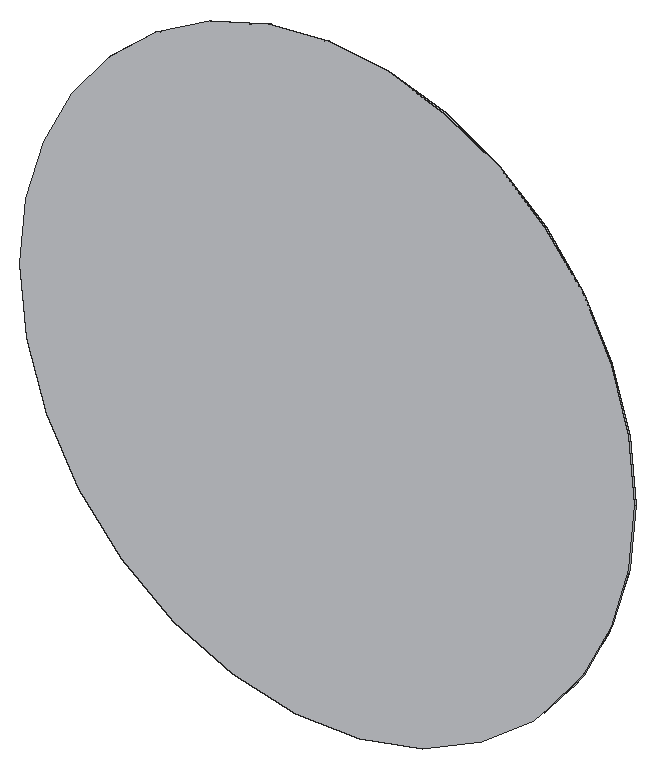
Revit family "GPC-BombaVirtual", category Mechanical Equipment, Revit 2025
Family settings
  Round Connector Dimension = Use Diameter
  Classification = Pump
  Part Type = Normal
  OmniClass Number = 23.75.00.00
  OmniClass Title = Climate Control (HVAC)
  Work Plane-Based = Yes
  Always vertical = No
  Cut with Voids When Loaded = No
  Maintain Annotation Orientation = No
  Shared = No
  Room Calculation Point = No
Parameters (values of type "Standard")
  Radius [instance] = 1' - 7"
  Presión [instance] = 0.00 psi
  Diameter [instance] = 2 * Radius  # 3' - 2"
  Default Elevation = 4' - 0"
  CWFU [instance] = 0 L/s
Types (2): name
  Standard
  Inicio_CapRoscadoGalvanizado
Reference planes (in)
  plane 1 "Center (Front/Back)": y = 0
  plane 2: z = 0
  plane 3 "Center (Left/Right)": x = 0
Forms (in)
  Extrusion 1, solid
    sketch origin (0, 0, 0) x (1, 0, 0) y (0, 0, 1)
      loop
        circle (0, 0) r 19
    from 0 to 0.03906
Dimensions and locks (in)
  "Radius": radius of Extrusion 1 sketch curve
  aligned and locked: level to plane 2
Automatic sketch dimensions
  Extrusion 1 sketch curve to level = 0' - 0"
  Extrusion 1 sketch curve to plane 3 "Center (Left/Right)" = 0' - 0"
Connectors (in)
  piping at (0, -0.03906, 0), diameter 38, driven by "Diameter", driven by "Presión", driven by "CWFU"
    settings: on Extrusion 1, index 1, connector inside diameter 24", connector length 0' - 0", flow factor 0, pipe flow 0 L/s, pressure drop 0.00 psi, fitting loss kfactor 0, connector angle 0.00°, fixture units 0, engagement length 0' - 0", angle of deflection 0.00°, flow configuration 0, flow direction 2, fitting loss method 0, system type 20, joint type 0, gender type 0, connector reference index -1, connector utility 0, adjustable connector no, is connector primary yes, connector description ""
